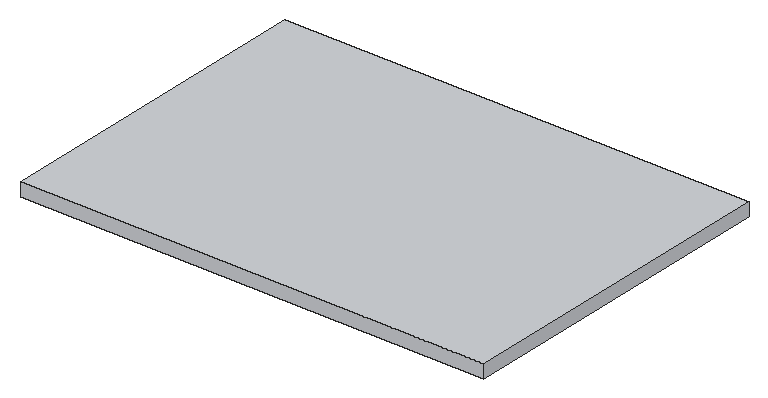
Revit family "AROHA - Lavabo TERM", category Aparatos sanitarios, Revit 2016
Family settings
  Anfitrión = Cara
  Tipo de pieza = Normal
  Cota de conector redondo = Diámetro de uso
  Número OmniClass = 23.45.05.14.14
  Título OmniClass = Sinks/Lavatories
  Corte con vacíos al cargar = No
  Compartido = No
  Punto de cálculo de habitación = No
Parameters
  WFU = 0
  URL = "http://www.griferiasgalindo.com"
  Sistema = "AFS / ACS"
  Referencia = "4605000"
  Notas de suministro = "Suministrados con latiguillos flexibles hembra de 1/2” y longitud 45 cm."
  Modelo = "AROHA Lavabo"
  Material = Latón, cromado
  HWFU = 1
  Fabricante = "GALINDO"
  Email = "info@griferiasgalindo.com"
  Teléfono = "+34 93 680 13 15"
  Default Elevation = 48"
  Diámetro entrada = 3/4"
  Descripción = "Grifería para lavabo."
  Código de montaje = "D2020"
  Comentarios de tipo = "Cartucho sellado mezclador con discos cerámicos de diámetro 35 mm."
  Cierre = "Manual"
  Caudal = 6.0 L/min
  CWFU = 1
  Accionamiento = "Por maneta"
Reference planes (in)
  plane 1 "Centro (Frontal/Posterior)": y = 0
  plane 2: z = 0
  plane 3 "Centro (Izquierda/Derecha)": x = 0
Forms (in)
  Extrusion 1, solid
    sketch origin (0, 0, 0) x (1, 0, 0) y (0, 1, 0)
      loop
        line (-6.44299, 4.74141) -> (-6.44299, -4.80498) -> (6.97478, -4.80498) -> (6.97478, 4.74141) -> (-6.44299, 4.74141)
    from 0 to -0.38452
Dimensions and locks (in)
  aligned and locked: plane 2 to Extrusion 1
  aligned and locked: level to Extrusion 1
Connectors (in)
  piping at (0.00074, 0.12361, 0), diameter 0.75, driven by "Diámetro entrada", driven by "Caudal"
    settings: on import instance, index 1, connector inside diameter 609.6 mm, connector length 0", flow factor 0, pipe flow 6.0 L/min, pressure drop 0.0 Pa, fitting loss kfactor 0, connector angle 0.00°, fixture units 0, engagement length 0", angle of deflection 0.00°, flow configuration 0, flow direction 1, fitting loss method 0, system type 19, joint type 0, gender type 0, connector reference index -1, connector utility 0, adjustable connector no, is connector primary yes, connector description ""
